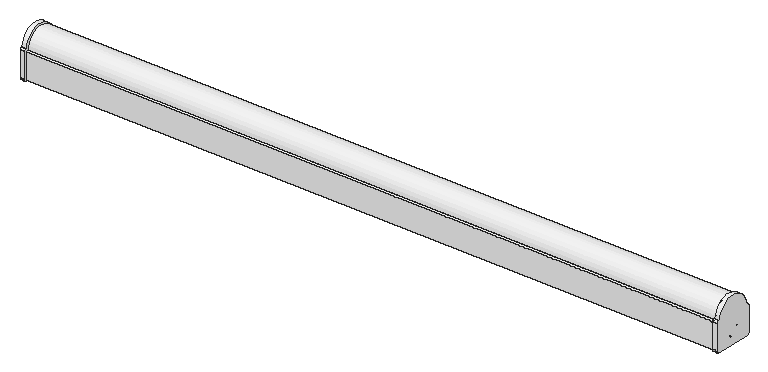
Revit family "0045179 Feilo Sylvania Lighting Fixture SYLBATTEN LED5-5 WW TP3", category Lighting Fixtures, host Face, Revit 2017
Family settings
  Host = Face
  Round Connector Dimension = Use Diameter
  Part Type = Normal
  OmniClass Number = 23.80.70.00
  OmniClass Title = Lighting
  Cut with Voids When Loaded = No
  Light Source = Yes
  Shared = No
  Room Calculation Point = No
Parameters (values of type "0045179 SYLBATTEN LED5.5 WW TP3")
  Width_FEILO = 66 mm
  Weight = "2.584 kg"
  Wattage Comments = "n/a"
  Wattage = 53 W
  WarrantyStartDate [instance] = "n/a"
  WarrantyGuarantorParts = "n/a"
  WarrantyDurationUnit = "n/a"
  WarrantyDurationParts = "n/a"
  WarrantyDescription = "n/a"
  built-in parameter 1150110 = 1 (stored number, unit not read)
  Voltage = 230 V
  URL = "http://www.sylvania-lighting.com"
  TypeName = "SYLBATTEN LED5.5 WW TP3"
  Type Image = <None>
  Type Comments = "n/a"
  built-in parameter 1114217 = 1 (stored number, unit not read)
  Tilt Angle = -90.00°
  built-in parameter 1150109 = 1 (stored number, unit not read)
  built-in parameter 1150134 = (empty or 0)
  SymReflector_FEILO = no
  built-in parameter 1150113 = 1 (stored number, unit not read)
  SerialNumber [instance] = "n/a"
  PowerFactor = 0
  PowerConsumption = "53 W"
  Photometric Web File = "0045179.ies"
  NominalLength = 1205 mm
  NominalHeight = 76 mm
  NominalDepth = 66 mm
  Name = "SYLBATTEN LED5.5 WW TP3"
  ModelReference = Name  # "SYLBATTEN LED5.5 WW TP3"
  ModelNumber = "0045179"
  Model = Name  # "SYLBATTEN LED5.5 WW TP3"
  Material_4_FEILO = Reflector-Sylvania-Sylbatten-White
  Material_3_FEILO = Diffuser-Sylvania-Sylbatten-Glow
  Material_2_FEILO = Body-Sylvania-Sylbatten-White
  Material_1_FEILO = Body-Sylvania-Sylbatten-White
  Material = "sheet steel housing, polycarbonate diffuser"
  ManufacturerName = "Feilo Sylvania"
  Manufacturer = "Feilo Sylvania"
  LuminousEfficacy = "92.45 lm/W"
  built-in parameter 1150105 = 389.92 (stored number, unit not read)
  Lumens = 4899.85 lm
  LuminaireType = ""
  built-in parameter 1150115 = 1 (stored number, unit not read)
  LightOutputRatio = "100"
  built-in parameter 1150137 = (empty or 0)
  built-in parameter 1150139 = (empty or 0)
  Length_FEILO = 1205 mm
  LampsType = Lamp  # "LED"
  LampNominalLuminous = "4900 lm"
  LampMacAdamStep = "n/a"
  LampColourTemperature = "3000 K"
  LampColourRenderingIndex = "80"
  built-in parameter 1150112 = 1 (stored number, unit not read)
  built-in parameter 1150114 = 1 (stored number, unit not read)
  Lamp = "LED"
  Keynote = "16500"
  InstallationDate [instance] = "n/a"
  InputVoltage = "220-240V~"
  InputNominalFrequency = "n/a"
  built-in parameter 1150132 = (empty or 0)
  built-in parameter 1150102 = (empty or 0)
  built-in parameter 1150107 = 3000 (stored number, unit not read)
  built-in parameter 1150138 = (empty or 0)
  IngressProtection = "IP20"
  ImpactProtectionIndex = "IK07"
  built-in parameter 1150106 = 3.8992 (stored number, unit not read)
  IfcExportType = "IfcLightFixtureType"
  IfcExportAs = "IfcLightFixtureType"
  Height_FEILO = 76 mm
  ExpectedLife = 50000
  Emit from Rectangle Width = Length_FEILO - 16 mm  # 1189 mm
  Emit from Rectangle Length = Width_FEILO - 40 mm  # 26 mm
  Emit Shape Visible in Rendering = no
  ElectricShockClassification = "Class I"
  built-in parameter 1150104 = 8.5889 (stored number, unit not read)
  DurationUnit = "hours"
  DocumentationLiterature = "http://www.sylvania-lighting.com/product/en-int/products/0045179"
  DimmingControlOptions = "n/a"
  Dimming Lamp Color Temperature Shift = <None>
  Description = "LED batten, T8 replacement, ease of installation through 2 part push-in design of the housing (safety cable included), through wiring capability (TP3 = 3 core), sheet steel, 4900M, 53W, 92lm/W, 3000K, drive current: 350mA, CRI 80, 138° wide beam angle, electronic driver (non dimmable), IP20, IK07, 50,000 hrs (L70), (LxWxH) 1205x66x76mm, 5 step MacAdam ellipse, 3kg, white RAL 9016, Class 1, 220-240V, energy class: A++, A+, A."
  Default Elevation = 1219.2 mm
  CreatedOn = "1/25/2018"
  CreatedBy = ""
  Cost = 0
  Color Filter = 16777215
  built-in parameter 1114216 [instance] = (empty or 0)
  ClassificationValue = "EF_70_80"
  ClassificationName = "Uniclass2015"
  CapOffset_FEILO = 2 mm
  BarCode [instance] = "n/a"
  built-in parameter 1114218 = 1 (stored number, unit not read)
  BackReflector_FEILO = and(not(AsymReflector_FEILO), SymReflector_FEILO)  # no
  built-in parameter 1150133 = 10 (stored number, unit not read)
  FrontReflector_FEILO = or(AsymReflector_FEILO, SymReflector_FEILO)  # no
  AsymReflector_FEILO = no
  AssetType = "Fixed"
  AssetIdentifier [instance] = "n/a"
  Assembly Code = "D5020200"
  Apparent Load = 53 VA
Reference planes
  plane 1 "Center (Front/Back)": y = 0
  plane 2: z = 0
  plane 3 "Center (Left/Right)": x = 0
  plane 4: x = 602.5
  plane 5: x = -602.5
  plane 6: y = 33
  plane 7: y = -33
  plane 8: z = 76
  plane 9: z = 47
  plane 10: y = -29
  plane 11: y = 29
  plane 12: z = 20
  plane 13: z = 74
  plane 14: y = -31
  plane 15: y = -27
  plane 16: y = 27
  plane 17: y = 31
  plane 18: z = 2
  plane 19: x = -594.5
  plane 20: x = 594.5
  plane 21: z = 49
  plane 22: y = 1
  plane 23: y = -1
  plane 24: z = 21
  plane 25: z = 19
  plane 26: y = -61
  plane 27: y = 61
  plane 28: y = -56
  plane 29: y = 56
  plane 30: z = 91
  plane 31: z = 88
Forms (mm)
  Extrusion 1, solid, material "Body-Sylvania-Sylbatten-White" <- "Material_2_FEILO"
    sketch origin (0, 0, 0) x (0, 1, 0) y (0, 0, 1)
      loop
        line (-31, 2) -> (31, 2) -> (31, 45)
        arc (31, 45) -> (30.414, 46.414) -> (29, 47) r 2
        line (29, 47) -> (27, 47)
        arc (27, 47) -> (0, 74) -> (-27, 47) r 27
        line (-27, 47) -> (-29, 47)
        arc (-29, 47) -> (-30.414, 46.414) -> (-31, 45) r 2
        line (-31, 45) -> (-31, 2)
    from -594.5 to 594.5
  Extrusion 2, solid, material "Body-Sylvania-Sylbatten-White" <- "Material_2_FEILO"
    sketch origin (602.5, 1524, 1219.2) x (0, 1, 0) y (0, 0, 1)
      loop
        arc (-1494, -1219.2) -> (-1491.879, -1218.321) -> (-1491, -1216.2) r 3
        line (-1491, -1216.2) -> (-1491, -1173.2)
        arc (-1491, -1173.2) -> (-1491.879, -1171.079) -> (-1494, -1170.2) r 3
        line (-1494, -1170.2) -> (-1495.069, -1170.2)
        arc (-1495.069, -1170.2) -> (-1524, -1143.2) -> (-1552.931, -1170.2) r 29
        line (-1552.931, -1170.2) -> (-1554, -1170.2)
        arc (-1554, -1170.2) -> (-1556.121, -1171.079) -> (-1557, -1173.2) r 3
        line (-1557, -1173.2) -> (-1557, -1216.2)
        arc (-1557, -1216.2) -> (-1556.121, -1218.321) -> (-1554, -1219.2) r 3
        line (-1554, -1219.2) -> (-1494, -1219.2)
      loop
        arc (-1525, -1189.25) -> (-1531.071, -1192.129) -> (-1533.95, -1198.2) r 10
        line (-1533.95, -1198.2) -> (-1532.944, -1198.2)
        arc (-1532.944, -1198.2) -> (-1530.364, -1192.836) -> (-1525, -1190.256) r 9
        line (-1525, -1190.256) -> (-1525, -1189.25)
      loop
        arc (-1523, -1190.256) -> (-1517.636, -1192.836) -> (-1515.056, -1198.2) r 9
        line (-1515.056, -1198.2) -> (-1514.05, -1198.2)
        arc (-1514.05, -1198.2) -> (-1516.929, -1192.129) -> (-1523, -1189.25) r 10
        line (-1523, -1189.25) -> (-1523, -1190.256)
      loop
        line (-1532.944, -1200.2) -> (-1533.95, -1200.2)
        arc (-1533.95, -1200.2) -> (-1531.071, -1206.271) -> (-1525, -1209.15) r 10
        line (-1525, -1209.15) -> (-1525, -1208.144)
        arc (-1525, -1208.144) -> (-1530.364, -1205.564) -> (-1532.944, -1200.2) r 9
      loop
        arc (-1515.056, -1200.2) -> (-1517.636, -1205.564) -> (-1523, -1208.144) r 9
        line (-1523, -1208.144) -> (-1523, -1209.15)
        arc (-1523, -1209.15) -> (-1516.929, -1206.271) -> (-1514.05, -1200.2) r 10
        line (-1514.05, -1200.2) -> (-1515.056, -1200.2)
    from 0 to -8
  Extrusion 3, solid, material "Body-Sylvania-Sylbatten-White" <- "Material_2_FEILO"
    sketch origin (-602.5, 1524, 1219.2) x (0, 1, 0) y (0, 0, 1)
      loop
        arc (-1495.069, -1170.2) -> (-1524, -1143.2) -> (-1552.931, -1170.2) r 29
        line (-1552.931, -1170.2) -> (-1554, -1170.2)
        arc (-1554, -1170.2) -> (-1556.121, -1171.079) -> (-1557, -1173.2) r 3
        line (-1557, -1173.2) -> (-1557, -1216.2)
        arc (-1557, -1216.2) -> (-1556.121, -1218.321) -> (-1554, -1219.2) r 3
        line (-1554, -1219.2) -> (-1494, -1219.2)
        arc (-1494, -1219.2) -> (-1491.879, -1218.321) -> (-1491, -1216.2) r 3
        line (-1491, -1216.2) -> (-1491, -1173.2)
        arc (-1491, -1173.2) -> (-1491.879, -1171.079) -> (-1494, -1170.2) r 3
        line (-1494, -1170.2) -> (-1495.069, -1170.2)
      loop
        line (-1533.95, -1198.2) -> (-1532.944, -1198.2)
        arc (-1532.944, -1198.2) -> (-1530.364, -1192.836) -> (-1525, -1190.256) r 9
        line (-1525, -1190.256) -> (-1525, -1189.25)
        arc (-1525, -1189.25) -> (-1531.071, -1192.129) -> (-1533.95, -1198.2) r 10
      loop
        line (-1523, -1189.25) -> (-1523, -1190.256)
        arc (-1523, -1190.256) -> (-1517.636, -1192.836) -> (-1515.056, -1198.2) r 9
        line (-1515.056, -1198.2) -> (-1514.05, -1198.2)
        arc (-1514.05, -1198.2) -> (-1516.929, -1192.129) -> (-1523, -1189.25) r 10
      loop
        line (-1514.05, -1200.2) -> (-1515.056, -1200.2)
        arc (-1515.056, -1200.2) -> (-1517.636, -1205.564) -> (-1523, -1208.144) r 9
        line (-1523, -1208.144) -> (-1523, -1209.15)
        arc (-1523, -1209.15) -> (-1516.929, -1206.271) -> (-1514.05, -1200.2) r 10
      loop
        line (-1525, -1209.15) -> (-1525, -1208.144)
        arc (-1525, -1208.144) -> (-1530.364, -1205.564) -> (-1532.944, -1200.2) r 9
        line (-1532.944, -1200.2) -> (-1533.95, -1200.2)
        arc (-1533.95, -1200.2) -> (-1531.071, -1206.271) -> (-1525, -1209.15) r 10
    from 0 to 8
  Extrusion 4, solid, material "Reflector-Sylvania-Sylbatten-White" <- "Material_4_FEILO", visible <- "FrontReflector_FEILO"
    sketch origin (0, 0, 0) x (0, 1, 0) y (0, 0, 1)
      loop
        line (-61.257, 88.429) -> (-60.743, 87.571) -> (-56.621, 90.044)
        arc (-56.621, 90.044) -> (-56.237, 90.099) -> (-55.929, 89.863) r 0.5
        line (-55.929, 89.863) -> (-31.435, 46.753) -> (-30.565, 47.247) -> (-55.312, 90.802)
        arc (-55.312, 90.802) -> (-55.928, 91.275) -> (-56.696, 91.165) r 1
        line (-56.696, 91.165) -> (-61.257, 88.429)
    from -594.5 to 594.5
  Extrusion 5, solid, material "Reflector-Sylvania-Sylbatten-White" <- "Material_4_FEILO", visible <- "BackReflector_FEILO"
    sketch origin (0, 0, 0) x (0, 1, 0) y (0, 0, 1)
      loop
        line (30.565, 47.247) -> (31.435, 46.753) -> (55.932, 89.868)
        arc (55.932, 89.868) -> (56.245, 90.112) -> (56.638, 90.062) r 0.518
        line (56.638, 90.062) -> (61.033, 87.565) -> (61.527, 88.435) -> (56.682, 91.188)
        arc (56.682, 91.188) -> (55.922, 91.282) -> (55.318, 90.812) r 1
        line (55.318, 90.812) -> (30.565, 47.247)
    from -594.5 to 594.5
Lines and regions (mm)
  reference lines
    curve 1: line (0, -61, 88) -> (0, -56, 91)
    curve 2: line (0, -56, 91) -> (0, -31, 47)
    curve 3: line (0, 31, 47) -> (0, 56, 91)
    curve 4: line (0, 56, 91) -> (0, 61.28, 88)
Dimensions and locks
  equal spacing: plane 5, plane 3 "Center (Left/Right)", plane 4
  equal spacing: plane 7, plane 1 "Center (Front/Back)", plane 6
  "Width_FEILO": plane 7 to plane 6
  "Length_FEILO": plane 5 to plane 4
  "Height_FEILO": plane 8 to plane 2
  locked: plane 9 to plane 8 at 29
  equal spacing: plane 10, plane 1 "Center (Front/Back)", plane 11
  locked: plane 7 to plane 10 at 4
  locked: plane 12 to plane 2 at 20
  "CapOffset_FEILO": plane 13 to plane 8
  "CapOffset_FEILO": plane 7 to plane 14
  "CapOffset_FEILO": plane 10 to plane 15
  "CapOffset_FEILO": plane 17 to plane 6
  "CapOffset_FEILO": plane 16 to plane 11
  "CapOffset_FEILO": plane 18 to plane 2
  locked: plane 14 to Extrusion 1 sketch curve at 2
  locked: Extrusion 1 sketch curve to plane 9 at 2  (x2)
  locked: plane 16 to Extrusion 1 sketch curve at 2
  equal spacing: plane 19, plane 3 "Center (Left/Right)", plane 20
  locked: plane 5 to plane 19 at 8
  "CapOffset_FEILO": plane 9 to plane 21
  locked: Extrusion 2 sketch curve to plane 2 at 47
  locked: Extrusion 1 sketch curve to plane 2 at 47
  locked: Extrusion 2 sketch curve to plane 2 at 3  (x2)
  locked: plane 7 to Extrusion 2 sketch curve at 3  (x2)
  locked: Extrusion 2 sketch curve to plane 6 at 3  (x2)
  locked: Extrusion 2 sketch curve to plane 21 at 3  (x2)
  equal spacing: plane 23, plane 1 "Center (Front/Back)", plane 22
  equal spacing: plane 25, plane 12, plane 24
  plane 30 to plane 31 to plane 2 = 3 mm locked, 88 mm locked
  plane 28 to plane 29 = 112 mm
  plane 26 to plane 27 = 122 mm
  aligned and locked: plane 2 to host face
  aligned and locked: level to host face
  aligned and locked: plane 18 to Extrusion 1 sketch curve
  aligned and locked: plane 14 to Extrusion 1 sketch curve
  aligned and locked: Extrusion 1 sketch curve to plane 9  (x2)
  aligned and locked: Extrusion 1 sketch curve to plane 17
  aligned and locked: plane 15 to Extrusion 1 sketch curve
  aligned and locked: plane 16 to Extrusion 1 sketch curve
  aligned and locked: plane 9 to Extrusion 1 sketch curve
  aligned and locked: plane 20 to Extrusion 1
  aligned and locked: level to Extrusion 2 sketch curve
  aligned and locked: Extrusion 2 sketch curve to plane 7
  aligned and locked: plane 21 to Extrusion 2 sketch curve
  aligned and locked: Extrusion 2 sketch curve to plane 21
  aligned and locked: plane 1 "Center (Front/Back)" to Extrusion 2 sketch curve  (x3)
  aligned and locked: Extrusion 2 to Extrusion 1
  aligned and locked: plane 4 to Extrusion 2
  aligned and locked: plane 12 to Extrusion 2 sketch curve  (x2)
  aligned and locked: Extrusion 2 sketch curve to plane 22
  aligned and locked: Extrusion 2 sketch curve to plane 23
  aligned and locked: Extrusion 2 sketch curve to plane 24
  aligned and locked: Extrusion 2 sketch curve to plane 25
  aligned and locked: plane 25 to Extrusion 2 sketch curve
  aligned and locked: plane 22 to Extrusion 2 sketch curve
  aligned and locked: plane 24 to Extrusion 2 sketch curve
  aligned and locked: plane 23 to Extrusion 2 sketch curve  (x2)
  aligned and locked: Extrusion 3 sketch curve to Extrusion 2  (x22)
  aligned and locked: Extrusion 3 to Extrusion 1
  aligned and locked: Extrusion 3 to plane 5
  aligned and locked: plane 19 to Extrusion 3
  aligned and locked: plane 31 to curve 1
  aligned and locked: plane 30 to curve 1
  aligned and locked: plane 14 to curve 2
  aligned and locked: plane 9 to curve 2
  aligned and locked: plane 17 to curve 3
  aligned and locked: plane 30 to curve 3
  aligned and locked: plane 31 to curve 4
  aligned and locked: Extrusion 4 sketch curve to curve 2
  aligned and locked: Extrusion 4 sketch curve to curve 1
  aligned and locked: Extrusion 4 to Extrusion 1
  aligned and locked: Extrusion 1 to Extrusion 4
  aligned and locked: imposter light to plane 1 "Center (Front/Back)"
  aligned and locked: imposter light to plane 3 "Center (Left/Right)"
  aligned and locked: imposter light to plane 13
  aligned and locked: Extrusion 5 sketch curve to curve 4
  aligned and locked: Extrusion 5 sketch curve to curve 3
  aligned and locked: Extrusion 1 to Extrusion 5
  aligned and locked: Extrusion 5 to Extrusion 1
Automatic sketch dimensions
  host sketch curve to host sketch curve = 2438.4 mm  (x2)
  Extrusion 2 sketch curve to Extrusion 2 sketch curve = 0 mm  (x14)
  Extrusion 2 sketch curve to plane 10 = 0.069 mm
  plane 23 to Extrusion 2 sketch curve = 8.95 mm
  Extrusion 2 sketch curve to Extrusion 2 sketch curve = 1.006 mm  (x4)
  Extrusion 2 sketch curve to plane 22 = 7.944 mm
  curve 1 to plane 26 = 0 mm
  curve 2 to plane 28 = 0 mm
  curve 4 to plane 29 = 0 mm
  plane 9 to curve 3 = 0 mm
  plane 26 to Extrusion 4 sketch curve = 0.257 mm
  Extrusion 4 sketch curve to plane 26 = 0.257 mm
  Extrusion 4 sketch curve to plane 30 = 0.165 mm
  plane 28 to Extrusion 4 sketch curve = 0.696 mm
  plane 28 to Extrusion 4 sketch curve = 0.621 mm
  plane 28 to Extrusion 4 sketch curve = 0.364 mm
  plane 28 to Extrusion 4 sketch curve = 0.182 mm
  Extrusion 4 sketch curve to plane 28 = 0.071 mm
  plane 30 to Extrusion 4 sketch curve = 0.198 mm
  Extrusion 4 sketch curve to plane 28 = 0.688 mm
  plane 9 to Extrusion 4 sketch curve = 0.247 mm
  plane 1 "Center (Front/Back)" to Extrusion 4 sketch curve = 31.435 mm
  Extrusion 5 sketch curve to plane 9 = 0.247 mm
  Extrusion 5 sketch curve to plane 1 "Center (Front/Back)" = 30.565 mm
  plane 9 to Extrusion 5 sketch curve = 0.247 mm
  plane 30 to Extrusion 5 sketch curve = 0.188 mm
  plane 29 to Extrusion 5 sketch curve = 0.068 mm
  Extrusion 5 sketch curve to plane 29 = 0.188 mm
  Extrusion 5 sketch curve to plane 29 = 0.382 mm
  Extrusion 5 sketch curve to Extrusion 5 sketch curve = 0.256 mm
  Extrusion 5 sketch curve to plane 30 = 0.188 mm
  Extrusion 5 sketch curve to plane 29 = 0.682 mm
  Extrusion 5 sketch curve to plane 27 = 0.033 mm
  Extrusion 5 sketch curve to plane 27 = 0.527 mm
Connectors
  electrical at (0, 0, 0), driven by "Apparent Load", driven by "PowerFactor", driven by "Voltage"
    settings: index 1, voltage 230 V, apparent load 53 VA, apparent load phase1 0 VA, apparent load phase2 0 VA, apparent load phase3 0 VA, power factor 0, load classification "Lighting", number of poles 1, system type 30, power factor state 1, is connector primary yes, connector utility no, sub classification motor no, connector description ""
